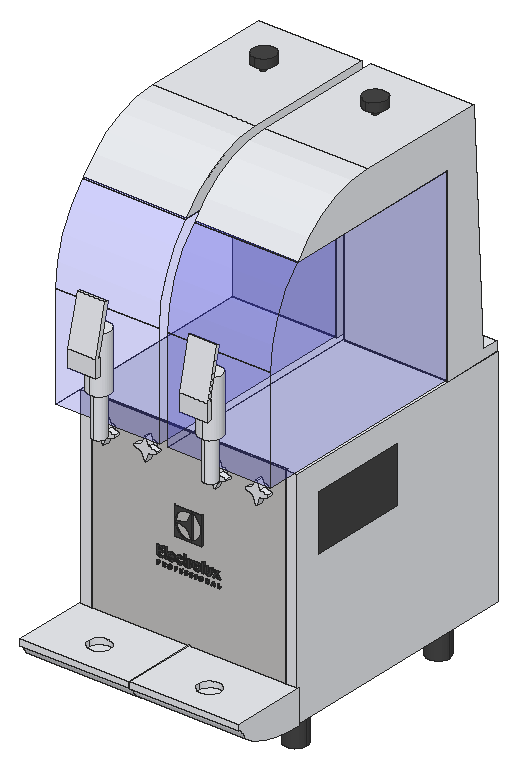
Revit family "QF_ELECTROLUXPROFESSIONAL_562510_IPRO2ER290", category Attrezzature speciali, Revit 2020
Family settings
  Quota connettore circolare = Usa diametro
  Tipo di parte = Normale
  Basato su piano di lavoro = No
  Sempre verticale = Sì
  Taglio con vuoti quando caricato = No
  Condiviso = No
  Punto di calcolo locali = No
Parameters (values of type "Standard")
  Weight = 60.00 kg
  Watts = 740 W
  Volts = 220 V
  URL Manufacturer = "https://www.electroluxprofessional.com/"
  URL = "https://www.electroluxprofessional.com/"
  Steam Supply Size = 0 mm
  Steam Supply Minimum Pressure = 0.0 Pa
  Steam Supply Maximum Pressure = 0.0 Pa
  Steam Consumption per Hour = 0
  Show Logo [instance] = yes
  Show Clearance [instance] = yes
  Refrigeration Suction Line Size = 0 mm
  Refrigeration Liquid Line Size = 0 mm
  Refrigerant Compressor Remote = yes
  Prospetto di default = 0 mm
  Produttore = "Electrolux Professional"
  Phase = 1
  Modello = "IPRO2ER290"
  Length Actual = 400 mm  # constant formula
  Item Number = "562510"
  Hot Water Size = 0 mm
  Height Actual = 870 mm  # constant formula
  HP = "1 HP"
  Gas Size = 0 mm
  Gas KW = 0
  Gas Input Pressure = 0 W
  Direct Waste Size = 0 mm
  Descrizione = "2X11 LT BOWL - FROZEN GRANITA DISPENSER - ELECTRONIC CONTROL - 2 INSULATED BOWLS - WHITE, R290"
  Depth Actual = 580 mm  # constant formula
  Cycle = 50 Hz
  Condensate Return Size = 0 mm
  Compressed Air Volume = 0.0 L/s
  Compressed Air Size = 0 mm
  Compressed Air Pressure = 0.0 Pa
  Cold Water Size = 0 mm
  Accessory = yes
Reference planes
  plane 1: z = 0
  plane 2 "LEFT": x = -300
  plane 3 "BACK": y = 282.5
  plane 4 "FRONT": y = -301.5
  plane 5: z = 873
  plane 6 "RIGHT": x = 95
  plane 7: x = -102.5
  plane 8: y = -282.5
  plane 9: x = -202.5
  plane 10: x = -2.5
  plane 11: z = 445
  plane 12: z = 677.97
  plane 13: z = 110
  plane 14: z = 900
  plane 15: through (60, -104.25, 3830) normal (-0.7071, -0.7071, 0)
  plane 16: through (60, -84.25, 3830) normal (0.7071, -0.7071, 0)
Forms (mm)
  Extrusion 1, solid, material "QF_Finishes_White"
    sketch origin (0, 0, 0) x (1, 0, 0) y (0, 1, 0)
      loop
        line (-296.5, 282.5) -> (-296.5, -167.5) -> (-276.5, -167.5) -> (-276.5, -162.5) -> (71.5, -162.5) -> (71.5, -167.5) -> (91.5, -167.5) -> (91.5, 282.5) -> (-296.5, 282.5)
    from 50 to 453
  Extrusion 2, solid, material "QF_Finishes_Stainless Steel"
    sketch origin (0, 0, 0) x (1, 0, 0) y (0, 1, 0)
      loop
        line (71, -163) -> (-276, -163) -> (-276, -167.5) -> (71, -167.5) -> (71, -163)
    from 110 to 453
  Extrusion 3, solid, material "QF_Finishes_Stainless Steel"
    sketch origin (-367.596, -267.273, 48) x (0, -1, 0) y (1, 0, 0)
      loop
        line (-163.023, 407.596) -> (-163.023, 427.596) -> (-183.023, 427.596) -> (-183.023, 407.596) -> (-163.023, 407.596)
    from 0 to 2
Dimensions and locks
  plane 3 "BACK" to plane 4 "FRONT" = 584 mm  (x3)
  plane 5 to level = 873 mm  (x2)
  plane 2 "LEFT" to plane 6 "RIGHT" = 395 mm
  equal spacing: plane 2 "LEFT", plane 7, plane 6 "RIGHT"
  plane 3 "BACK" to plane 8 = 565 mm
  plane 10 to plane 9 = 200 mm
  plane 12 to plane 11 = 232.97 mm
  level to plane 14 = 900 mm
  plane 13 to level = 110 mm
  plane 11 to plane 13 = 335 mm
  plane 6 "RIGHT" to plane 2 "LEFT" = 395 mm
  aligned and locked: level to plane 1
Automatic sketch dimensions
  Extrusion 1 sketch curve to plane 3 "BACK" = 0 mm
  plane 2 "LEFT" to Extrusion 1 sketch curve = 3.5 mm
  Extrusion 1 sketch curve to Extrusion 1 sketch curve = 20 mm
  Extrusion 1 sketch curve to plane 6 "RIGHT" = 23.5 mm
  Extrusion 1 sketch curve to plane 6 "RIGHT" = 3.5 mm
  Extrusion 1 sketch curve to plane 8 = 120 mm
  Extrusion 1 sketch curve to Extrusion 1 sketch curve = 5 mm  (x2)
  plane 2 "LEFT" to Extrusion 2 sketch curve = 24 mm
  Extrusion 2 sketch curve to plane 6 "RIGHT" = 24 mm
  Extrusion 2 sketch curve to plane 8 = 115 mm
  Extrusion 2 sketch curve to Extrusion 2 sketch curve = 4.5 mm
  Extrusion 3 sketch curve to plane 15 = 0 mm
  plane 16 to Extrusion 3 sketch curve = 0 mm
  Extrusion 3 sketch curve to plane 16 = 0 mm
  plane 10 to Extrusion 3 sketch curve = 42.5 mm
Nested families
  nested 1: "BOCCHETTONE BEVERAGE" at (-202.5, -260.625, 445), type "BOCCHETTONE BEVERAGE"
  nested 2: "BOCCHETTONE BEVERAGE" at (-2.5, -260.625, 445), type "BOCCHETTONE BEVERAGE"
  nested 3: "MANOPOLA BEVERAGE" at (-240, -167.5, 413) x (0, 0, 1) z (0, -1, 0), type "MANOPOLA BEVERAGE"
  nested 4: "MANOPOLA BEVERAGE" at (-165, -167.5, 413) x (0, 0, 1) z (0, -1, 0), type "MANOPOLA BEVERAGE"
  nested 5: "MANOPOLA BEVERAGE" at (35, -167.5, 413) x (0, 0, 1) z (0, -1, 0), type "MANOPOLA BEVERAGE"
  nested 6: "MANOPOLA BEVERAGE" at (-40, -167.5, 413) x (0, 0, 1) z (0, -1, 0), type "MANOPOLA BEVERAGE"
  nested 7: "MANOPOLA APERTURA BEVERAGE " at (-202.5, 125, 873) x (0, 1, 0) z (0, 0, 1), type "MANOPOLA APERTURA BEVERAGE "
  nested 8: "MANOPOLA APERTURA BEVERAGE " at (-2.5, 125, 873) x (0, 1, 0) z (0, 0, 1), type "MANOPOLA APERTURA BEVERAGE "
  nested 9: "ELXP_LOGO_ONLY_MEDIUM" at (-102.5, -167.5, 303) x (1, 0, 0) z (0, -1, 0), Show Logo <- "Show Logo", visible <- "Show Logo", type "ELXP_LOGO_ONLY_MEDIUM"
    with Show Logo yes
  nested 10: "ELX_LOGO_WORDS_MEDIUM" at (-102.5, -167.5, 238) x (1, 0, 0) z (0, -1, 0), visible <- "Show Logo", Show Logo <- "Show Logo", type "ELX_LOGO_WORDS_MEDIUM"
    with Show Logo yes
  nested 11: "VASCHETTA BEVERAGE" at (-201.25, -167.5, 80) x (1, 0, 0) z (0, -1, 0), type "VASCHETTA BEVERAGE"
  nested 12: "VASCHETTA BEVERAGE" at (-3.75, -167.5, 80) x (-1, 0, 0) z (0, -1, 0), type "VASCHETTA BEVERAGE"
  nested 13: "PORTAGRANITE BEVERAGE" at (-202.5, 28.972, 453), type "PORTAGRANITE BEVERAGE"
  nested 14: "PORTAGRANITE BEVERAGE" at (-2.5, 28.972, 453) x (-1, 0, 0) z (0, 0, 1), type "PORTAGRANITE BEVERAGE"
  nested 15: "Piedino 50x40 BEVERAGE" at (-268.5, 184.5, 0), type "Piedino 50x40 BEVERAGE"
    with H 150 mm
  nested 16: "Piedino 50x40 BEVERAGE" at (-268.5, -135.5, 0), type "Piedino 50x40 BEVERAGE"
    with H 150 mm
  nested 17: "Piedino 50x40 BEVERAGE" at (63.5, 184.5, 0) x (-1, 0, 0) z (0, 0, 1), type "Piedino 50x40 BEVERAGE"
    with H 150 mm
  nested 18: "Piedino 50x40 BEVERAGE" at (63.5, -135.5, 0) x (-1, 0, 0) z (0, 0, 1), type "Piedino 50x40 BEVERAGE"
    with H 150 mm
  nested 19: "SCHERMO BEVERAGE" at (91.5, -33, 355) x (0, -1, 0) z (1, 0, 0), type "SCHERMO BEVERAGE"
    with Show Logo yes
Connectors
  electrical at (50, -94.25, 48), driven by "Volts"
    settings: on Extrusion 3, index 72, voltage 220 V, apparent load 0 VA, apparent load phase1 0 VA, apparent load phase2 0 VA, apparent load phase3 0 VA, power factor 1, load classification "Altro", number of poles 1, system type 30, power factor state 1, is connector primary yes, connector utility no, sub classification motor no, connector description "Electrical Connection"
Definition of nested family "BOCCHETTONE BEVERAGE"
  Parameters (values of type "BOCCHETTONE BEVERAGE")
    Default Elevation = 1219.2 mm
  Reference planes
    plane 1 "Centro (Fronte/Retro)": y = 0
    plane 2: z = 0
    plane 3 "Centro (Sinistra/Destra)": x = 0
    plane 4: z = 233
    plane 5: y = -22
  Forms (mm)
    Extrusion 1, solid
      sketch origin (0, 0, 0) x (1, 0, 0) y (0, 1, 0)
        loop
          line (-1219.2, 1219.2) -> (-1219.2, -1219.2) -> (1219.2, -1219.2) -> (1219.2, 1219.2) -> (-1219.2, 1219.2)
      from 0 to -304.8
    Extrusion 2, solid
      sketch origin (0, 15.961, 0) x (0, -1, 0) y (1, 0, 0)
        loop
          circle (0, 0) r 12
      from 0 to 75
    Extrusion 3, solid
      sketch origin (0, 15.961, 75) x (0, -1, 0) y (1, 0, 0)
        loop
          circle (0, 0) r 20
      from 0 to 100
    Extrusion 4, void
      sketch origin (0, 0, 0) x (1, 0, 0) y (0, 1, 0)
        loop
          line (-27.179, -16.141) -> (-21.226, -10.188) -> (-6.226, -10.188) -> (-6.226, 12.684) -> (-27.179, 12.684) -> (-27.179, -16.141)
        loop
          line (27.179, -16.141) -> (27.179, 12.684) -> (6.226, 12.684) -> (6.226, -10.188) -> (21.226, -10.188) -> (27.179, -16.141)
      from 104.337 to 159.894
    Extrusion 5, solid
      sketch origin (25, 15.961, 29.221) x (0, -1, 0) y (0, 0, 1)
        loop
          line (11.922, 118.779) -> (11.922, 88.779) -> (37.961, 88.779) -> (37.961, 119.393) -> (16.929, 203.749) -> (12.077, 202.539) -> (32.961, 118.779) -> (11.922, 118.779)
      from 0 to 50
  Cuts and joins
    Extrusion 4 cuts Extrusion 5
    joined: Extrusion 3, Extrusion 5
  Dimensions and locks
    Extrusion 1 to plane 4 = 233 mm
    aligned and locked: plane 2 to Extrusion 1
    aligned and locked: level to Extrusion 1
Definition of nested family "MANOPOLA BEVERAGE"
  Parameters (values of type "MANOPOLA BEVERAGE")
    Default Elevation = 1219.2 mm
  Reference planes
    plane 1 "Centro (Fronte/Retro)": y = 0
    plane 2: z = 0
    plane 3 "Centro (Sinistra/Destra)": x = 0
    plane 4: z = 20
  Forms (mm)
    Extrusion 1, solid
      sketch origin (0, 0, 0) x (1, 0, 0) y (0, 1, 0)
        loop
          line (-1219.2, 1219.2) -> (-1219.2, -1219.2) -> (1219.2, -1219.2) -> (1219.2, 1219.2) -> (-1219.2, 1219.2)
      from 0 to -304.8
    Extrusion 2, solid
      sketch origin (0, 0, 10) x (1, 0, 0) y (0, 1, 0)
        loop
          line (-20, -1.333) -> (-6.314, -6.314) -> (-1.333, -20) -> (1.333, -20) -> (6.314, -6.314) -> (20, -1.333) -> (20, 1.333) -> (6.314, 6.314) -> (1.333, 20) -> (-1.333, 20) -> (-6.314, 6.314) -> (-20, 1.333) -> (-20, -1.333)
      from 0 to 10
    Extrusion 3, solid
      sketch origin (0, 0, 0) x (1, 0, 0) y (0, 1, 0)
        loop
          circle (0, 0) r 5
      from 0 to 10
  Dimensions and locks
    aligned and locked: plane 2 to Extrusion 1
    aligned and locked: level to Extrusion 1
Definition of nested family "MANOPOLA APERTURA BEVERAGE "
  Parameters (values of type "MANOPOLA APERTURA BEVERAGE ")
    Default Elevation = 1219.2 mm
  Reference planes
    plane 1 "Centro (Fronte/Retro)": y = 0
    plane 2: z = 0
    plane 3 "Centro (Sinistra/Destra)": x = 0
    plane 4: z = 27
  Forms (mm)
    Extrusion 1, solid
      sketch origin (0, 0, 0) x (1, 0, 0) y (0, 1, 0)
        loop
          line (-1219.2, 1219.2) -> (-1219.2, -1219.2) -> (1219.2, -1219.2) -> (1219.2, 1219.2) -> (-1219.2, 1219.2)
      from 0 to -304.8
    Extrusion 2, solid
      sketch origin (0, 0, 0) x (1, 0, 0) y (0, 1, 0)
        loop
          circle (0, 0) r 5
      from 0 to 12
    Extrusion 3, solid
      sketch origin (0, 0, 12) x (1, 0, 0) y (0, 1, 0)
        loop
          circle (0, 0) r 20
      from 0 to 15
  Dimensions and locks
    Extrusion 1 to plane 4 = 27 mm
    aligned and locked: plane 2 to Extrusion 1
    aligned and locked: level to Extrusion 1
Definition of nested family "ELXP_LOGO_ONLY_MEDIUM"
  Parameters (values of type "ELXP_LOGO_ONLY_MEDIUM")
    Show Logo [instance] = yes
    Default Elevation = 0 mm
  Reference planes
    plane 1 "Centro (Fronte/Retro)": y = 0
    plane 2: z = 0
    plane 3 "Centro (Sinistra/Destra)": x = 0
  Forms (mm)
    Extrusion 1, solid
      sketch origin (0, 0, 0) x (1, 0, 0) y (0, 1, 0)
        loop
          line (-1219.2, 1219.2) -> (-1219.2, -1219.2) -> (1219.2, -1219.2) -> (1219.2, 1219.2) -> (-1219.2, 1219.2)
      from 0 to -304.8
    Extrusion 2, solid, visible <- "Show Logo"
      sketch origin (15.862, -72.798, 0) x (1, 0, 0) y (0, 1, 0)
        loop
          line (-40.901, 47.952) -> (9.138, 47.952) -> (9.138, 97.923) -> (-40.901, 97.923) -> (-40.901, 47.952)
        loop
          line (-9.2, 95.47) -> (-9.2, 50.507)
          arc (-9.2, 50.507) -> (7.421, 72.988) -> (-9.2, 95.47) r 23.515
        loop
          line (-11.486, 92.214) -> (-11.486, 95.47)
          arc (-11.486, 95.47) -> (-30.185, 91.22) -> (-39.194, 74.292) r 23.044
          line (-39.194, 74.292) -> (-31.756, 74.292)
          arc (-31.756, 74.292) -> (-18.467, 79.686) -> (-11.486, 92.214) r 21.599
        loop
          arc (-39.194, 71.685) -> (-30.2, 54.618) -> (-11.486, 49.93) r 23.647
          line (-11.486, 49.93) -> (-11.486, 53.763)
          arc (-11.486, 53.763) -> (-18.467, 66.291) -> (-31.756, 71.685) r 21.599
          line (-31.756, 71.685) -> (-39.194, 71.685)
      from 0 to 1.644
  Dimensions and locks
    aligned and locked: plane 2 to Extrusion 1
    aligned and locked: level to Extrusion 1
Definition of nested family "ELX_LOGO_WORDS_MEDIUM"
  Parameters (values of type "ELX_LOGO_WORDS_MEDIUM")
    Show Logo [instance] = yes
    Default Elevation = 0 mm
  Reference planes
    plane 1 "Centro (Fronte/Retro)": y = 0
    plane 2: z = 0
    plane 3 "Centro (Sinistra/Destra)": x = 0
  Forms (mm)
    Extrusion 1, solid
      sketch origin (0, 0, 0) x (1, 0, 0) y (0, 1, 0)
        loop
          line (-1219.2, 1219.2) -> (-1219.2, -1219.2) -> (1219.2, -1219.2) -> (1219.2, 1219.2) -> (-1219.2, 1219.2)
      from 0 to -304.8
    Extrusion 2, solid, visible <- "Show Logo"
      sketch origin (0, 0, 0) x (1, 0, 0) y (0, 1, 0)
        loop
          line (-45.351, 15.842) -> (-56.505, 15.842) -> (-56.505, 2.853)
          arc (-56.505, 2.853) -> (-55.037, -0.691) -> (-51.493, -2.159) r 5.012
          line (-51.493, -2.159) -> (-45.135, -2.159) -> (-45.135, 0.755) -> (-50.767, 0.755)
          arc (-50.767, 0.755) -> (-52.618, 1.38) -> (-53.406, 3.168) r 2.423
          line (-53.406, 3.168) -> (-53.406, 5.743) -> (-45.833, 5.743) -> (-45.833, 8.668) -> (-53.406, 8.668) -> (-53.406, 12.925) -> (-45.351, 12.925) -> (-45.351, 15.842)
        loop
          line (-42.933, 15.842) -> (-42.933, -2.159) -> (-39.832, -2.159) -> (-39.832, 15.842) -> (-42.933, 15.842)
        loop
          line (24.405, 15.842) -> (24.405, -2.159) -> (27.508, -2.159) -> (27.508, 15.842) -> (24.405, 15.842)
        loop
          line (-34.705, 3.589) -> (-24.531, 3.589)
          arc (-24.531, 3.589) -> (-26.123, 9.178) -> (-31.565, 11.217) r 6.447
          arc (-31.565, 11.217) -> (-36.358, 8.786) -> (-37.726, 3.589) r 6.56
          arc (-37.726, 3.589) -> (-35.926, -0.757) -> (-31.58, -2.557) r 6.146
          arc (-31.58, -2.557) -> (-28.198, -2.058) -> (-25.362, -0.149) r 7.726
          line (-25.362, -0.149) -> (-27.199, 1.688)
          arc (-27.199, 1.688) -> (-29.61, 0.242) -> (-32.411, 0.485) r 4.558
          arc (-32.411, 0.485) -> (-34.119, 1.622) -> (-34.705, 3.589) r 3.019
        loop
          line (-34.628, 5.769) -> (-27.646, 5.769)
          arc (-27.646, 5.769) -> (-28.626, 7.83) -> (-30.779, 8.59) r 2.974
          arc (-30.779, 8.59) -> (-33.263, 7.943) -> (-34.628, 5.769) r 3.481
        loop
          line (-12.445, 7.067) -> (-10.499, 9.013)
          arc (-10.499, 9.013) -> (-12.94, 10.78) -> (-15.907, 11.309) r 6.746
          arc (-15.907, 11.309) -> (-20.432, 9.655) -> (-22.806, 5.463) r 6.977
          arc (-22.806, 5.463) -> (-18.803, -1.885) -> (-10.608, -0.191) r 7.026
          line (-10.608, -0.191) -> (-12.544, 1.745)
          arc (-12.544, 1.745) -> (-16.723, 0.362) -> (-19.717, 3.589) r 4.071
          arc (-19.717, 3.589) -> (-19.509, 6.14) -> (-17.752, 8.002) r 3.867
          arc (-17.752, 8.002) -> (-14.941, 8.431) -> (-12.445, 7.067) r 4.442
        loop
          line (-8.594, 15.842) -> (-8.594, 3.541)
          arc (-8.594, 3.541) -> (-8.326, 1.695) -> (-7.635, -0.038) r 7.951
          arc (-7.635, -0.038) -> (-5.422, -1.797) -> (-2.62, -2.167) r 5.297
          line (-2.62, -2.167) -> (-2.62, 0.738)
          arc (-2.62, 0.738) -> (-3.453, 0.802) -> (-4.23, 1.109) r 2.792
          arc (-4.23, 1.109) -> (-5.227, 2.163) -> (-5.494, 3.589) r 2.57
          line (-5.494, 3.589) -> (-5.494, 8.043) -> (-2.678, 8.043) -> (-2.678, 10.86) -> (-5.494, 10.86) -> (-5.494, 15.842) -> (-8.594, 15.842)
        loop
          arc (3.006, 4.684) -> (3.228, 5.982) -> (3.868, 7.133) r 3.911
          arc (3.868, 7.133) -> (5.725, 8.086) -> (7.812, 8.043) r 4.26
          line (7.812, 8.043) -> (7.812, 11.023)
          arc (7.812, 11.023) -> (5.085, 10.766) -> (3.006, 8.983) r 4.524
          line (3.006, 8.983) -> (3.006, 10.86) -> (-0.069, 10.86) -> (-0.069, -2.159) -> (3.006, -2.159) -> (3.006, 4.684)
        loop
          circle (15.393, 4.348) r 6.899
        loop
          circle (15.393, 4.348) r 4.181
        loop
          arc (38.69, 3.262) -> (37.924, 1.158) -> (35.848, 0.319) r 2.752
          arc (35.848, 0.319) -> (33.771, 1.158) -> (33.005, 3.262) r 2.752
          line (33.005, 3.262) -> (33.005, 10.859) -> (29.879, 10.859) -> (29.879, 3.004)
          arc (29.879, 3.004) -> (31.658, -1.052) -> (35.848, -2.489) r 5.512
          arc (35.848, -2.489) -> (40.084, -1.008) -> (41.815, 3.132) r 5.512
          line (41.815, 3.132) -> (41.815, 10.859) -> (38.69, 10.859) -> (38.69, 3.262)
        loop
          line (43.689, 10.859) -> (48.192, 4.746) -> (43.245, -2.164) -> (46.578, -2.164) -> (49.861, 2.422) -> (53.193, -2.164) -> (56.505, -2.164) -> (51.629, 4.817) -> (56.087, 10.859) -> (52.703, 10.859) -> (49.851, 6.995) -> (47.043, 10.859) -> (43.689, 10.859)
        loop
          line (-53.813, -9.621) -> (-56.285, -9.621) -> (-56.285, -15.847) -> (-54.932, -15.847) -> (-54.932, -13.703) -> (-53.437, -13.703)
          arc (-53.437, -13.703) -> (-51.764, -11.49) -> (-53.813, -9.621) r 2.058
        loop
          arc (-53.496, -12.48) -> (-52.984, -11.679) -> (-53.496, -10.879) r 0.881
          line (-53.496, -10.879) -> (-54.932, -10.879) -> (-54.932, -12.48) -> (-53.496, -12.48)
        loop
          line (-44.045, -9.621) -> (-46.56, -9.621) -> (-46.56, -15.847) -> (-45.207, -15.847) -> (-45.207, -13.703) -> (-43.898, -13.703) -> (-43.003, -15.847) -> (-41.55, -15.847) -> (-42.774, -13.222)
          arc (-42.774, -13.222) -> (-42.188, -12.521) -> (-41.991, -11.628) r 1.922
          arc (-41.991, -11.628) -> (-42.609, -10.206) -> (-44.045, -9.621) r 2.055
        loop
          line (-45.207, -10.879) -> (-45.207, -12.48) -> (-43.771, -12.48)
          arc (-43.771, -12.48) -> (-43.258, -11.679) -> (-43.771, -10.879) r 0.881
          line (-43.771, -10.879) -> (-45.207, -10.879)
        loop
          circle (-33.602, -12.734) r 3.233
        loop
          circle (-33.602, -12.734) r 2.052
        loop
          line (-25.054, -9.622) -> (-25.054, -15.847) -> (-23.734, -15.847) -> (-23.734, -13.671) -> (-21.392, -13.671) -> (-21.392, -12.276) -> (-23.734, -12.276) -> (-23.734, -10.963) -> (-21.167, -10.963) -> (-21.167, -9.622) -> (-25.054, -9.622)
        loop
          line (-15.917, -9.622) -> (-15.917, -13.825)
          arc (-15.917, -13.825) -> (-15.343, -15.249) -> (-13.926, -15.842) r 1.991
          line (-13.926, -15.842) -> (-11.917, -15.842) -> (-11.917, -14.666) -> (-13.806, -14.666)
          arc (-13.806, -14.666) -> (-14.501, -14.091) -> (-14.638, -13.198) r 1.267
          line (-14.638, -13.198) -> (-12.15, -13.198) -> (-12.15, -12.023) -> (-14.638, -12.023) -> (-14.638, -10.797) -> (-11.977, -10.797) -> (-11.977, -9.622) -> (-15.917, -9.622)
        loop
          arc (6.626, -10.41) -> (5.801, -9.733) -> (4.757, -9.518) r 2.228
          arc (4.757, -9.518) -> (3.792, -9.755) -> (2.999, -10.352) r 2.468
          arc (2.999, -10.352) -> (2.853, -11.766) -> (3.765, -12.856) r 1.825
          arc (3.765, -12.856) -> (4.531, -13.112) -> (5.259, -13.464) r 6.301
          arc (5.259, -13.464) -> (5.719, -14.005) -> (5.402, -14.641) r 0.645
          arc (5.402, -14.641) -> (4.814, -14.78) -> (4.228, -14.631) r 1.269
          arc (4.228, -14.631) -> (3.722, -14.266) -> (3.412, -13.725) r 1.474
          line (3.412, -13.725) -> (2.324, -14.233)
          arc (2.324, -14.233) -> (2.716, -14.99) -> (3.348, -15.561) r 2.393
          arc (3.348, -15.561) -> (4.065, -15.867) -> (4.841, -15.945) r 2.579
          arc (4.841, -15.945) -> (5.8, -15.754) -> (6.664, -15.295) r 3.369
          arc (6.664, -15.295) -> (7.045, -14.28) -> (6.848, -13.214) r 2.023
          arc (6.848, -13.214) -> (6.423, -12.723) -> (5.879, -12.368) r 2.346
          arc (5.879, -12.368) -> (5.19, -12.061) -> (4.485, -11.796) r 12.353
          arc (4.485, -11.796) -> (4.077, -11.162) -> (4.666, -10.692) r 0.562
          arc (4.666, -10.692) -> (5.372, -10.862) -> (5.915, -11.344) r 1.497
          line (5.915, -11.344) -> (6.626, -10.41)
        loop
          line (12.337, -9.622) -> (12.337, -15.842) -> (13.616, -15.842) -> (13.616, -9.622) -> (12.337, -9.622)
        loop
          circle (22.24, -12.732) r 1.935
        loop
          circle (22.24, -12.732) r 3.231
        loop
          line (30.821, -15.842) -> (32.114, -15.842) -> (32.114, -11.931) -> (34.96, -15.842) -> (36.203, -15.842) -> (36.203, -9.622) -> (34.911, -9.622) -> (34.911, -13.651) -> (32.065, -9.622) -> (30.821, -9.622) -> (30.821, -15.842)
        loop
          line (42.652, -15.842) -> (43.258, -14.5) -> (45.559, -14.5) -> (46.165, -15.842) -> (47.54, -15.842) -> (44.912, -9.622) -> (43.712, -9.622) -> (41.279, -15.842) -> (42.652, -15.842)
        loop
          line (44.985, -13.224) -> (44.369, -11.857) -> (43.77, -13.224) -> (44.985, -13.224)
        loop
          line (53.893, -14.666) -> (53.893, -9.622) -> (52.614, -9.622) -> (52.614, -15.842) -> (56.285, -15.842) -> (56.285, -14.666) -> (53.893, -14.666)
        loop
          arc (-2.701, -10.41) -> (-3.525, -9.733) -> (-4.57, -9.518) r 2.228
          arc (-4.57, -9.518) -> (-5.534, -9.755) -> (-6.327, -10.352) r 2.468
          arc (-6.327, -10.352) -> (-6.473, -11.766) -> (-5.562, -12.856) r 1.825
          arc (-5.562, -12.856) -> (-4.795, -13.112) -> (-4.067, -13.464) r 6.301
          arc (-4.067, -13.464) -> (-3.608, -14.005) -> (-3.924, -14.641) r 0.645
          arc (-3.924, -14.641) -> (-4.512, -14.78) -> (-5.098, -14.631) r 1.269
          arc (-5.098, -14.631) -> (-5.604, -14.266) -> (-5.914, -13.725) r 1.474
          line (-5.914, -13.725) -> (-7.002, -14.233)
          arc (-7.002, -14.233) -> (-6.61, -14.99) -> (-5.978, -15.561) r 2.393
          arc (-5.978, -15.561) -> (-5.261, -15.867) -> (-4.485, -15.945) r 2.579
          arc (-4.485, -15.945) -> (-3.526, -15.754) -> (-2.663, -15.295) r 3.369
          arc (-2.663, -15.295) -> (-2.281, -14.28) -> (-2.478, -13.214) r 2.023
          arc (-2.478, -13.214) -> (-2.903, -12.723) -> (-3.448, -12.368) r 2.346
          arc (-3.448, -12.368) -> (-4.136, -12.061) -> (-4.842, -11.796) r 12.353
          arc (-4.842, -11.796) -> (-5.249, -11.162) -> (-4.66, -10.692) r 0.562
          arc (-4.66, -10.692) -> (-3.954, -10.862) -> (-3.412, -11.344) r 1.497
          line (-3.412, -11.344) -> (-2.701, -10.41)
      from 0 to 1.644
  Dimensions and locks
    aligned and locked: plane 2 to Extrusion 1
    aligned and locked: level to Extrusion 1
Definition of nested family "VASCHETTA BEVERAGE"
  Parameters (values of type "VASCHETTA BEVERAGE")
    Default Elevation = 1219.2 mm
  Reference planes
    plane 1 "Centro (Fronte/Retro)": y = 0
    plane 2: z = 0
    plane 3 "Centro (Sinistra/Destra)": x = 0
  Forms (mm)
    Extrusion 1, solid
      sketch origin (0, 0, 0) x (1, 0, 0) y (0, 1, 0)
        loop
          line (-1219.2, 1219.2) -> (-1219.2, -1219.2) -> (1219.2, -1219.2) -> (1219.2, 1219.2) -> (-1219.2, 1219.2)
      from 0 to -304.8
    Extrusion 2, solid
      sketch origin (-97.5, -80, -167.5) x (0, 0, -1) y (0, 1, 0)
        loop
          line (-167.5, 110) -> (-301.5, 110) -> (-301.5, 100) -> (-296.403, 100)
          spline (-296.403, 100) -> (-294.717, 93.399) -> (-290.961, 86.937) -> (-285.195, 80.722) -> (-277.513, 74.853) -> (-268.041, 69.426) -> (-256.932, 64.529) -> (-244.367, 60.243) -> (-230.551, 56.637) -> (-215.709, 53.769) -> (-200.082, 51.686) -> (-183.925, 50.423) -> (-167.5, 50)
          line (-167.5, 50) -> (-167.5, 110)
      from 0 to 195
    Extrusion 3, void
      sketch origin (202.5, -80, -167.5) x (1, 0, 0) y (0, 0, -1)
        loop
          circle (-202.5, -244.664) r 20
      from 100 to 110
  Cuts and joins
    Extrusion 3 cuts Extrusion 2
  Dimensions and locks
    aligned and locked: plane 2 to Extrusion 1
    aligned and locked: level to Extrusion 1
Definition of nested family "PORTAGRANITE BEVERAGE"
  Parameters (values of type "PORTAGRANITE BEVERAGE")
    Default Elevation = 1219.2 mm
  Reference planes
    plane 1 "Centro (Fronte/Retro)": y = 0
    plane 2: z = 0
    plane 3 "Centro (Sinistra/Destra)": x = 0
    plane 4: z = 233
    plane 5: y = -36.472
    plane 6: z = 338
  Forms (mm)
    Extrusion 1, solid
      sketch origin (0, 0, 0) x (1, 0, 0) y (0, 1, 0)
        loop
          line (-1219.2, 1219.2) -> (-1219.2, -1219.2) -> (1219.2, -1219.2) -> (1219.2, 1219.2) -> (-1219.2, 1219.2)
      from 0 to -304.8
    Extrusion 2, solid
      sketch origin (-92.5, -28.972, -376) x (0, 1, 0) y (0, 0, 1)
        loop
          line (172.5, 716) -> (172.5, 376) -> (282.5, 376) -> (282.5, 393) -> (251.241, 393) -> (230.12, 796) -> (-7.5, 796)
          arc (-7.5, 796) -> (-94.678, 774.819) -> (-162.419, 716) r 190
          line (-162.419, 716) -> (172.5, 716)
      from 0 to 185
    Extrusion 3, solid
      sketch origin (-100, -28.972, -376) x (0, 1, 0) y (0, 0, 1)
        loop
          line (170.5, 378) -> (170.5, 714) -> (-164.355, 714)
          arc (-164.355, 714) -> (-209.023, 644.734) -> (-224.664, 563.812) r 217.164
          line (-224.664, 563.812) -> (-224.664, 378) -> (170.5, 378)
      from 7.5 to 192.5
  Dimensions and locks
    Extrusion 1 to plane 4 = 233 mm
    aligned and locked: plane 2 to Extrusion 1
    aligned and locked: level to Extrusion 1
Definition of nested family "Piedino 50x40 BEVERAGE"
  Parameters (values of type "Piedino 50x40 BEVERAGE")
    Default Elevation = 0 mm
    H [instance] = 150 mm
  Reference planes
    plane 1 "Centro (Fronte/Retro)": y = 0
    plane 2: z = 0
    plane 3 "Centro (Sinistra/Destra)": x = 0
  Forms (mm)
    Revolve 1, solid
      sketch origin (55, 0, 0) x (-1, 0, 0) y (0, 0, -1)
        loop
          line (55, 0) -> (35, 0) -> (35, -50) -> (55, -50) -> (55, 0)
        axis (55, 0) -> (55, -50)
      angle from 0 to 360
  Dimensions and locks
    aligned and locked: level to plane 2
Definition of nested family "SCHERMO BEVERAGE"
  Parameters (values of type "SCHERMO BEVERAGE")
    Show Logo [instance] = yes
    Default Elevation = 1219.2 mm
  Reference planes
    plane 1 "Centro (Fronte/Retro)": y = 0
    plane 2: z = 0
    plane 3 "Centro (Sinistra/Destra)": x = 0
  Forms (mm)
    Extrusion 1, solid
      sketch origin (0, 0, 0) x (1, 0, 0) y (0, 1, 0)
        loop
          line (-1219.2, 1219.2) -> (-1219.2, -1219.2) -> (1219.2, -1219.2) -> (1219.2, 1219.2) -> (-1219.2, 1219.2)
      from 0 to -304.8
    Extrusion 2, solid
      sketch origin (118.389, -572.596, 0) x (-1, 0, 0) y (0, -1, 0)
        loop
          line (205.889, -622.596) -> (205.889, -522.596) -> (30.889, -522.596) -> (30.889, -622.596) -> (205.889, -622.596)
      from 0 to 1
  Dimensions and locks
    aligned and locked: plane 2 to Extrusion 1
    aligned and locked: level to Extrusion 1
